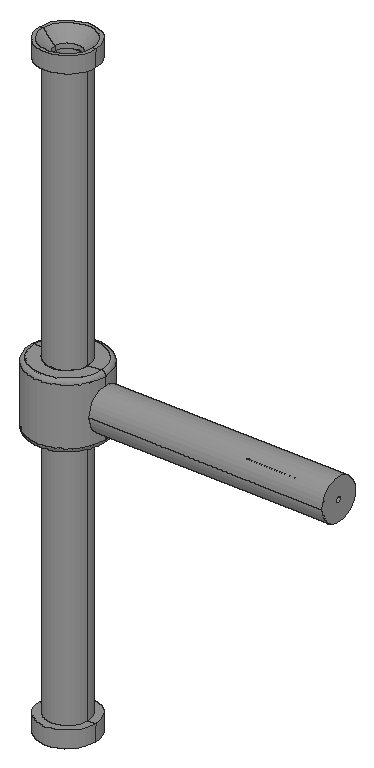
Revit family "Vorspannwerkzeug - 927 BES VSW 25", category Generic Models, Revit 2017
Family settings
  Can host rebar = No
  Round Connector Dimension = Use Diameter
  Part Type = Normal
  Work Plane-Based = No
  Always vertical = Yes
  Cut with Voids When Loaded = No
  Shared = No
  Room Calculation Point = No
Parameters (values of type "927 BES VSW 25")
  URL = "http://www.obo-bettermann.com"
  Material = Stainless steel, material no. 1.4301
  Manufacturer Art.No. = "5057690"
  Manufacturer = "OBO BETTERMANN"
  GTIN = "4012196672844"
  Article Type = "927 BES VSW 25"
Reference planes
  plane 1 "Center (Front/Back)": y = 0
  plane 2: z = 0
  plane 3 "Center (Left/Right)": x = 0
  plane 4: x = 3.25
  plane 5: z = 4
  plane 6: z = 3
  plane 7: z = 139
  plane 8: z = 74.5
  plane 9: x = 3.25
  plane 10: z = 150
  plane 11: z = 78.544
  plane 12: x = 4.625
  plane 13: x = 5.25
  plane 14: x = -5.25
  plane 15: x = 5.25
  plane 16: x = 66.737
  plane 17: x = -9.263
  plane 18: x = 43.737
  plane 19: x = 9.25
Forms (mm)
  Revolve 1, solid, material "Stainless steel, material no. 1.4301" <- "Material"
    sketch origin (0, 0, 0) x (1, 0, 0) y (0, 0, 1)
      loop
        line (3.25, 4) -> (3.25, 3) -> (6.086, 0) -> (6.975, 0) -> (6.975, 4) -> (3.25, 4)
      axis (0, 4) -> (0, 0)
    angle from 0 to 360
  Revolve 2, solid, material "Stainless steel, material no. 1.4301" <- "Material"
    sketch origin (0, 0, 0) x (1, 0, 0) y (0, 0, 1)
      loop
        line (3.027, 4) -> (5, 4) -> (5, 149) -> (2.974, 149) -> (2.974, 139) -> (0, 137.069) -> (0, 15.748) -> (3.027, 14) -> (3.027, 4)
      axis (0, 149) -> (0, 4)
    angle from 0 to 360
  Revolve 3, solid, material "Stainless steel, material no. 1.4301" <- "Material"
    sketch origin (0, 0, 0) x (1, 0, 0) y (0, 0, 1)
      loop
        line (3.232, 149) -> (7.015, 149) -> (7.015, 152.952) -> (6.184, 152.952) -> (3.232, 150) -> (3.232, 149)
      axis (0, 152.952) -> (0, 149)
    angle from 0 to 360
  Revolve 4, solid, material "Stainless steel, material no. 1.4301" <- "Material"
    sketch origin (0, 0, 0) x (1, 0, 0) y (0, 0, 1)
      loop
        line (0, 74.5) -> (0, 66.507) -> (8.25, 66.507)
        arc (8.25, 66.507) -> (8.957, 66.8) -> (9.25, 67.507) r 1
        line (9.25, 67.507) -> (9.25, 81.49)
        arc (9.25, 81.49) -> (8.957, 82.198) -> (8.25, 82.49) r 1
        line (8.25, 82.49) -> (0, 82.49) -> (0, 74.5)
      axis (0, 82.49) -> (0, 66.507)
    angle from 0 to 360
  Extrusion 5, solid, material "Stainless steel, material no. 1.4301" <- "Material"
    sketch origin (0, 0, 0) x (0, 1, 0) y (0, 0, 1)
      loop
        circle (0, 74.5) r 5
    from 9.25 to 66.737
  Extrusion 6, void
    sketch origin (0, 0, 0) x (0, 1, 0) y (0, 0, 1)
      loop
        circle (0, 74.5) r 0.819
    from 43.737 to 66.737
  Extrusion 7, void
    sketch origin (0, 0, 0) x (1, 0, 0) y (0, 1, 0)
      loop
        circle (0, 0) r 5.25
    from 66.507 to 82.487
Cuts and joins
  Extrusion 6, Extrusion 7 cuts Revolve 2
  Extrusion 6, Extrusion 7 cuts Revolve 4
  Extrusion 6 cuts Extrusion 5
  Extrusion 7 cuts Revolve 3
Dimensions and locks
  locked: plane 4 to plane 3 "Center (Left/Right)" at 3.25
  Revolve 1 sketch curve to plane 3 "Center (Left/Right)" = 3.25 mm
  locked: Revolve 1 sketch curve to plane 6 at 1
  locked: Revolve 1 sketch curve to Revolve 1 sketch curve at 3.725
  locked: Revolve 1 sketch curve to Revolve 1 sketch curve at 4
  locked: Revolve 1 sketch curve to Revolve 1 sketch curve at 1
  locked: Revolve 1 sketch curve to Revolve 1 sketch curve at 0.889
  locked: Revolve 2 sketch curve to plane 7 at 10
  Revolve 2 sketch curve to Revolve 1 = 145 mm
  locked: Revolve 2 sketch curve to Revolve 2 sketch curve at 5
  locked: Revolve 2 sketch curve to Revolve 2 sketch curve at 1.973
  locked: Revolve 2 sketch curve to Revolve 2 sketch curve at 2.026
  locked: Revolve 2 sketch curve to Revolve 2 sketch curve at 12.296
  locked: Revolve 2 sketch curve to Revolve 2 sketch curve at 10  (x2)
  locked: Revolve 2 sketch curve to Revolve 2 sketch curve at 12.131
  plane 8 to level = 74.5 mm
  locked: plane 10 to Revolve 2 at 1
  locked: Revolve 3 sketch curve to Revolve 3 sketch curve at 3.783
  locked: Revolve 3 sketch curve to Revolve 3 sketch curve at 3.952
  locked: Revolve 3 sketch curve to Revolve 3 sketch curve at 3.382
  locked: plane 12 to plane 3 "Center (Left/Right)" at 4.625
  locked: plane 11 to plane 8 at 4.044
  locked: plane 13 to plane 3 "Center (Left/Right)" at 5.25
  locked: plane 3 "Center (Left/Right)" to plane 14 at 5.25
  locked: Revolve 4 sketch curve to Revolve 4 sketch curve at 15.984
  locked: Revolve 4 sketch curve to Revolve 4 sketch curve at 9.25
  locked: plane 3 "Center (Left/Right)" to plane 17 at 9.263
  locked: plane 16 to plane 17 at 76
  locked: plane 1 "Center (Front/Back)" to Extrusion 5 sketch curve
  locked: Extrusion 5 sketch curve to plane 8 at 5
  locked: plane 1 "Center (Front/Back)" to Extrusion 6 sketch curve at 0.819
  locked: Extrusion 6 sketch curve to plane 8 at 0.819
  locked: cut or joined group of Extrusion 5, Extrusion 6 to plane 18 at 23
  cut or joined group of Extrusion 5, Extrusion 6 to plane 3 "Center (Left/Right)" = 9.25 mm
  locked: cut or joined group of Extrusion 5, Extrusion 6 to plane 3 "Center (Left/Right)" at 66.737
  locked: plane 1 "Center (Front/Back)" to Extrusion 7 sketch curve at 5.25
  aligned and locked: level to plane 2
  aligned and locked: plane 16 to Extrusion 5
  aligned and locked: plane 16 to Extrusion 6
  aligned and locked: Extrusion 6 to plane 18
  aligned and locked: cut or joined group of Extrusion 5, Extrusion 6 to plane 19
  aligned and locked: Extrusion 7 to cut or joined group of Revolve 2, Extrusion 6, Extrusion 7  (x2)
Automatic sketch dimensions
  Revolve 1 sketch curve to plane 3 "Center (Left/Right)" = 0 mm
  Revolve 1 sketch curve to plane 5 = 0 mm
  plane 5 to Revolve 1 sketch curve = 1.585 mm
  Revolve 2 sketch curve to plane 3 "Center (Left/Right)" = 0 mm  (x2)
  level to Revolve 2 sketch curve = 15.748 mm
  Revolve 2 sketch curve to Revolve 2 sketch curve = 9.972 mm
  Revolve 2 sketch curve to Revolve 2 sketch curve = 12.191 mm
  Revolve 3 sketch curve to plane 3 "Center (Left/Right)" = 0 mm
  Revolve 3 sketch curve to plane 10 = 0 mm
  Revolve 3 sketch curve to plane 9 = 0.018 mm
  Revolve 3 sketch curve to Revolve 3 sketch curve = 0.831 mm
  plane 10 to Revolve 3 sketch curve = 4.849 mm
  Revolve 3 sketch curve to Revolve 3 sketch curve = 3.103 mm
  Revolve 4 sketch curve to plane 3 "Center (Left/Right)" = 0 mm  (x2)
  Revolve 4 sketch curve to plane 8 = 0 mm
  plane 13 to Revolve 4 sketch curve = 3 mm
  Revolve 4 sketch curve to Revolve 4 sketch curve = 1 mm
  plane 11 to Revolve 4 sketch curve = 2.947 mm
  Revolve 4 sketch curve to Revolve 4 sketch curve = 15.053 mm
  Revolve 4 sketch curve to Revolve 4 sketch curve = 10 mm
  Extrusion 5 sketch curve to plane 8 = 0 mm
  Extrusion 6 sketch curve to plane 1 "Center (Front/Back)" = 0 mm
  plane 1 "Center (Front/Back)" to Extrusion 7 sketch curve = 0 mm
  Extrusion 7 sketch curve to plane 3 "Center (Left/Right)" = 0 mm
